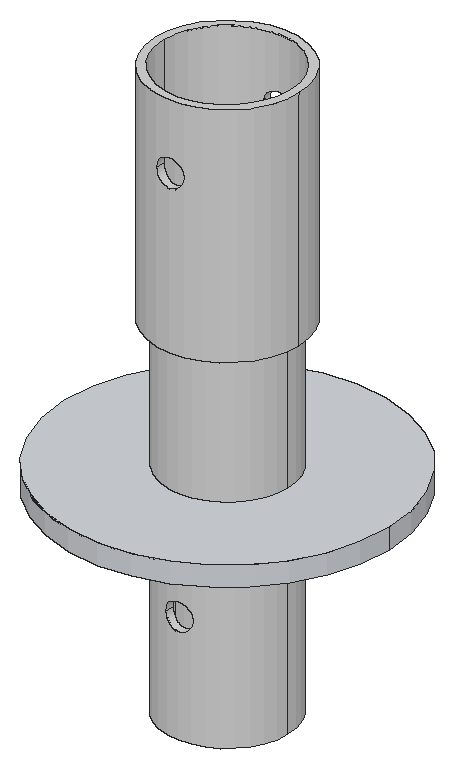
Revit family "BRIO_BASE COLLAR_2127510", category Generic Models, Revit 2018
Family settings
  Can host rebar = No
  Round Connector Dimension = Use Diameter
  Part Type = Normal
  OmniClass Number = 35.51.17.00
  OmniClass Title = SCAFFOLDING SHORING AND FENCING
  Work Plane-Based = Yes
  Always vertical = No
  Cut with Voids When Loaded = No
  Shared = Yes
  Room Calculation Point = No
Parameters (values of type "BRIO_BASE COLLAR_2127510")
  VERSION = "20170217"  # constant formula
  URL = "www.ulmaconstruction.com/en"
  UNICLASS = ""
  Model = ""
  Manufacturer = "ULMA CONSTRUCTION"  # constant formula
  ITEM_CODE = "2127510"
  FILTER [instance] = ""
  Default Elevation = 0.00 mm
  CLASSIFICATION_TITLE = ""
  CLASSIFICATION_NUMBER = ""
Reference planes
  plane 1 "Centro (Frontal/Posterior)": y = 0
  plane 2: z = 0
  plane 3 "Centro (Izquierda/Derecha)": x = 0
  plane 4: z = 0
  plane 5: z = 0
Forms (mm)
  Extrusion 1, solid, material "ULMA ZINC", detail levels fine
    sketch origin (4267.2, -253.247, 1000) x (0, -1, 0) y (1, 0, 0)
      loop
        circle (-253.247, -4267.2) r 28.5
      loop
        circle (-253.247, -4267.2) r 25.4
    from -944 to -854
  Extrusion 2, solid, material "ULMA ZINC", detail levels fine
    sketch origin (4267.2, -253.247, 860) x (0, -1, 0) y (1, 0, 0)
      loop
        circle (-253.247, -4267.2) r 24.15
      loop
        circle (-253.247, -4267.2) r 21
    from -944 to -780
  Extrusion 3, void
    sketch origin (0, 0, 0) x (1, 0, 0) y (0, 0, 1)
      loop
        circle (0, 120) r 5.5
    from -45.628 to 45.628
  Extrusion 4, void
    sketch origin (0, 0, 0) x (1, 0, 0) y (0, 0, 1)
      loop
        circle (0, -40) r 5.5
    from -45.628 to 45.628
Cuts and joins
  Extrusion 3 cuts Extrusion 1
  Extrusion 4 cuts Extrusion 2
Dimensions and locks
  aligned and locked: level to plane 2
  aligned and locked: plane 4 to plane 5
Nested families
  nested 1: "DISCO SUJECCION NUDO - 2127505_VERTICAL ITEMS" at (0, 0, 0), type "DISCO SUJECCION NUDO - 2127505_VERTICAL ITEMS"
Definition of nested family "DISCO SUJECCION NUDO - 2127505_VERTICAL ITEMS"
  Parameters (values of type "DISCO SUJECCION NUDO - 2127505_VERTICAL ITEMS")
    VERSION = "20170217"  # constant formula
    Manufacturer = "ULMA CONSTRUCTION"  # constant formula
    Default Elevation = 1219.20 mm
  Reference planes
    plane 1 "Centro (Frontal/Posterior)": y = 0
    plane 2: z = 0
    plane 3 "Centro (Izquierda/Derecha)": x = 0
    plane 4: z = 0
    plane 5: z = 0
  Forms (mm)
    Extrusion 1, solid, detail levels fine
      sketch origin (0, 0, -420) x (1, 0, 0) y (0, 1, 0)
        loop
          circle (0, 0) r 64.5
      from 416 to 424
  Lines and regions (mm)
    model lines, detail levels medium
      curve 1: circle (0, 0, 0) r 64.5 normal (0, 0, 1)
    model lines, detail levels fine
      curve 2: line (22.998, 7.37, 4) -> (37.435, 13.352, 4)
      curve 3: arc (37.435, 13.352, 4) -> (42.571, 13.097, 4) -> (45.628, 8.963, 4) r 6.007
      curve 4: line (45.628, 8.963, 4) -> (45.628, -8.963, 4)
      curve 5: arc (45.628, -8.963, 4) -> (42.571, -13.097, 4) -> (37.435, -13.352, 4) r 6.007
      curve 6: line (37.435, -13.352, 4) -> (22.998, -7.37, 4)
      curve 7: arc (22.998, -7.37, 4) -> (17.077, -17.077, 4) -> (7.37, -22.998, 4) r 24.15
      curve 8: line (7.37, -22.998, 4) -> (13.352, -37.435, 4)
      curve 9: arc (13.352, -37.435, 4) -> (13.097, -42.571, 4) -> (8.963, -45.628, 4) r 6.007
      curve 10: line (8.963, -45.628, 4) -> (-8.963, -45.628, 4)
      curve 11: arc (-8.963, -45.628, 4) -> (-13.097, -42.571, 4) -> (-13.352, -37.435, 4) r 6.007
      curve 12: line (-13.352, -37.435, 4) -> (-7.37, -22.998, 4)
      curve 13: arc (-7.37, -22.998, 4) -> (-17.077, -17.077, 4) -> (-22.998, -7.37, 4) r 24.15
      curve 14: line (-22.998, -7.37, 4) -> (-37.435, -13.352, 4)
      curve 15: arc (-37.435, -13.352, 4) -> (-42.571, -13.097, 4) -> (-45.628, -8.963, 4) r 6.007
      curve 16: line (-45.628, -8.963, 4) -> (-45.628, 8.963, 4)
      curve 17: arc (-45.628, 8.963, 4) -> (-42.571, 13.097, 4) -> (-37.435, 13.352, 4) r 6.007
      curve 18: line (-37.435, 13.352, 4) -> (-22.998, 7.37, 4)
      curve 19: arc (-22.998, 7.37, 4) -> (-17.077, 17.077, 4) -> (-7.37, 22.998, 4) r 24.15
      curve 20: line (-7.37, 22.998, 4) -> (-13.352, 37.435, 4)
      curve 21: arc (-13.352, 37.435, 4) -> (-13.097, 42.571, 4) -> (-8.963, 45.628, 4) r 6.007
      curve 22: line (-8.963, 45.628, 4) -> (8.963, 45.628, 4)
      curve 23: arc (8.963, 45.628, 4) -> (13.097, 42.571, 4) -> (13.352, 37.435, 4) r 6.007
      curve 24: line (13.352, 37.435, 4) -> (7.37, 22.998, 4)
      curve 25: arc (7.37, 22.998, 4) -> (17.077, 17.077, 4) -> (22.998, 7.37, 4) r 24.15
      curve 26: line (16.955, 27.378, 4) -> (22.934, 41.816, 4)
      curve 27: arc (22.934, 41.816, 4) -> (26.745, 45.267, 4) -> (31.83, 44.506, 4) r 6.007
      curve 28: line (31.83, 44.506, 4) -> (44.506, 31.83, 4)
      curve 29: arc (44.506, 31.83, 4) -> (45.267, 26.745, 4) -> (41.816, 22.934, 4) r 6.007
      curve 30: line (41.816, 22.934, 4) -> (27.378, 16.955, 4)
      curve 31: arc (27.378, 16.955, 4) -> (22.981, 22.981, 4) -> (16.955, 27.378, 4) r 24.15
      curve 32: line (27.378, -16.955, 4) -> (41.816, -22.934, 4)
      curve 33: arc (41.816, -22.934, 4) -> (45.267, -26.745, 4) -> (44.506, -31.83, 4) r 6.007
      curve 34: line (44.506, -31.83, 4) -> (31.83, -44.506, 4)
      curve 35: arc (31.83, -44.506, 4) -> (26.745, -45.267, 4) -> (22.934, -41.816, 4) r 6.007
      curve 36: line (22.934, -41.816, 4) -> (16.955, -27.378, 4)
      curve 37: arc (16.955, -27.378, 4) -> (22.981, -22.981, 4) -> (27.378, -16.955, 4) r 24.15
      curve 38: line (-16.955, -27.378, 4) -> (-22.934, -41.816, 4)
      curve 39: arc (-22.934, -41.816, 4) -> (-26.745, -45.267, 4) -> (-31.83, -44.506, 4) r 6.007
      curve 40: line (-31.83, -44.506, 4) -> (-44.506, -31.83, 4)
      curve 41: arc (-44.506, -31.83, 4) -> (-45.267, -26.745, 4) -> (-41.816, -22.934, 4) r 6.007
      curve 42: line (-41.816, -22.934, 4) -> (-27.378, -16.955, 4)
      curve 43: arc (-27.378, -16.955, 4) -> (-22.981, -22.981, 4) -> (-16.955, -27.378, 4) r 24.15
      curve 44: line (-27.378, 16.955, 4) -> (-41.816, 22.934, 4)
      curve 45: arc (-41.816, 22.934, 4) -> (-45.267, 26.745, 4) -> (-44.506, 31.83, 4) r 6.007
      curve 46: line (-44.506, 31.83, 4) -> (-31.83, 44.506, 4)
      curve 47: arc (-31.83, 44.506, 4) -> (-26.745, 45.267, 4) -> (-22.934, 41.816, 4) r 6.007
      curve 48: line (-22.934, 41.816, 4) -> (-16.955, 27.378, 4)
      curve 49: arc (-16.955, 27.378, 4) -> (-22.981, 22.981, 4) -> (-27.378, 16.955, 4) r 24.15
  Dimensions and locks
    aligned and locked: level to plane 2
    aligned and locked: plane 4 to plane 5
